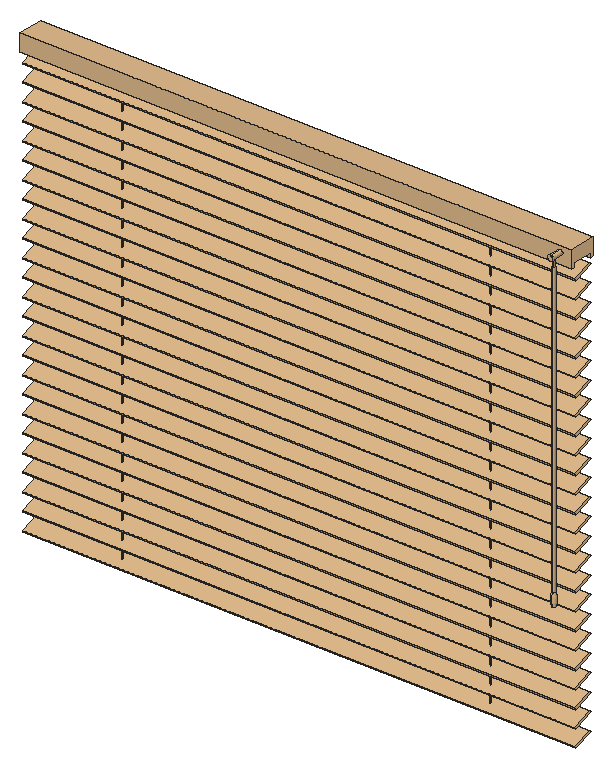
Revit family
Parameters
  Opening Width = 1200 mm
  No of Blades = 25
  Material Blind = Wood - Birch
  Keynote = "N10/240"
  End Offset = 40 mm
  Blind Length = Opening Width - (2 * End Offset)  # 1120 mm
  Blind Fixing Height = 2110 mm
  Blind Depth = 900 mm
  Blind Angle = 20.00°
  Blade Depth = 40 mm
Reference planes
  plane 1 "Center (Front/Back)": y = 45.212
  plane 2: z = 0
  plane 3 "Center (Left/Right)": x = 150.492
  plane 4: x = 750.492
  plane 5: x = -449.508
  plane 6: x = 710.492
  plane 7: x = -409.508
  plane 8: z = 2110
  plane 9: z = 1210
  plane 10: z = 2060
  plane 11: y = -4.451
  plane 12: x = 685.492
  plane 13: x = -222.841
  plane 14: x = 523.825
  plane 15: x = -36.175
  plane 16: x = 337.159
  plane 17: x = 150.492
Forms (mm)
  Extrusion 1, solid, material "Wood - Birch" <- "Material Blind"
    sketch origin (150.492, 45.212, 0) x (0, -1, 0) y (0, 0, 1)
      loop
        line (-25.882, 2110) -> (-25.882, 2075) -> (-20.882, 2075) -> (-20.882, 2083.245) -> (20.882, 2083.245) -> (20.882, 2075) -> (25.882, 2075) -> (25.882, 2110) -> (-25.882, 2110)
    from -560 to 560
  Extrusion 2, solid, material "Wood - Birch" <- "Material Blind"
    sketch origin (1210.492, 19.33, 2110) x (0, 0, -1) y (1, 0, 0)
      loop
        circle (14.083, -525) r 5
    from 23.781 to 0
  Revolve 3, solid, material "Wood - Birch" <- "Material Blind"
    sketch origin (685.492, -4.451, 4000) x (0, 1, 0) y (0, 0, 1)
      loop
        line (8.176, -1908.676) -> (7.176, -1908.676) -> (7.176, -1923.676) -> (5.176, -1923.676) -> (5.176, -2513.09)
        arc (5.176, -2513.09) -> (3.092, -2526.509) -> (4.65, -2540) r 50.641
        line (4.65, -2540) -> (8.176, -2540) -> (8.176, -1908.676)
      axis (8.176, -2540) -> (8.176, -1908.676)
    angle from 0 to 360
  Extrusion 4, solid, material "Wood - Birch" <- "Material Blind"
    sketch origin (0, 0, 0) x (1, 0, 0) y (0, 1, 0)
      loop
        circle (-222.841, 45.212) r 0.5
      loop
        circle (523.825, 45.212) r 0.5
    from 1210 to 2083.245
Dimensions and locks
  equal spacing: plane 4, plane 3 "Center (Left/Right)", plane 5
  "Opening Width": plane 4 to plane 5
  "End Offset": plane 4 to plane 6
  "End Offset": plane 7 to plane 5
  "Blind Depth": plane 8 to plane 9
  "Blind Fixing Height": plane 8 to level
  plane 8 to plane 10 = 50 mm
  equal spacing: Extrusion 1 sketch curve, plane 1 "Center (Front/Back)", Extrusion 1 sketch curve
  equal spacing: group 1, group 3, group 4, group 5, group 6, group 7, group 8, group 9, group 10, group 11, group 12, group 13, group 14, group 15, group 16, group 17, group 18, group 19, group 20, group 21, group 22, group 23, group 24, group 25, group 2  (x3)
  locked: Extrusion 2 sketch curve to plane 6 at 25
  locked: plane 12 to plane 6 at 25
  plane 8 to Revolve 3 sketch curve = 650 mm
  equal spacing: plane 7, plane 13, plane 15, plane 17, plane 16, plane 14, plane 6
  radius of Revolve 3 sketch curve = 50.641 mm
  aligned and locked: Extrusion 1 to plane 7
  aligned and locked: plane 6 to Extrusion 1
  aligned and locked: nested 1 to plane 3 "Center (Left/Right)"
  aligned and locked: nested 1 to plane 1 "Center (Front/Back)"
  aligned and locked: plane 9 to nested 1
  aligned and locked: plane 10 to nested 2
  aligned and locked: nested 2 to plane 3 "Center (Left/Right)"
  aligned and locked: Extrusion 1 to Extrusion 2
  aligned and locked: Extrusion 4 to plane 9
  aligned and locked: Extrusion 4 to Extrusion 1
Automatic sketch dimensions
  Extrusion 1 sketch curve to plane 8 = 0 mm
  Extrusion 1 sketch curve to Extrusion 1 sketch curve = 5 mm  (x2)
  plane 10 to Extrusion 1 sketch curve = 23.245 mm
  Extrusion 1 sketch curve to Extrusion 1 sketch curve = 8.245 mm  (x2)
  plane 1 "Center (Front/Back)" to Extrusion 1 sketch curve = 20.882 mm
  Extrusion 1 to Extrusion 2 sketch curve = 14.083 mm
  plane 11 to Revolve 3 sketch curve = 4.65 mm
  Revolve 3 sketch curve to Revolve 3 sketch curve = 2 mm
  Revolve 3 sketch curve to Revolve 3 sketch curve = 3.526 mm
  Revolve 3 sketch curve to Revolve 3 sketch curve = 0 mm
  plane 1 "Center (Front/Back)" to Revolve 3 sketch curve = 4.06 mm
  Revolve 3 sketch curve to Revolve 3 sketch curve = 268.676 mm
  Revolve 3 sketch curve to plane 10 = 418.676 mm
  plane 10 to Revolve 3 sketch curve = 16.324 mm
  Revolve 3 sketch curve to Revolve 3 sketch curve = 15 mm
  plane 11 to Revolve 3 sketch curve = 5.176 mm
  Extrusion 4 sketch curve to plane 1 "Center (Front/Back)" = 0 mm  (x2)
  Extrusion 4 sketch curve to plane 13 = 0 mm
  Extrusion 4 sketch curve to plane 14 = 0 mm
  radius of Extrusion 2 sketch curve = 5 mm
  radius of Extrusion 4 sketch curve = 0.5 mm  (x2)
Nested families
  nested 1: "Blind Blade" at (253.252, 45.493, 1210) x (-1, 0, 0) z (0, 0, 1), type "Blind Blade"
    with Blade Length 1120 mm
  nested 2: "Blind Blade" at (253.252, 45.493, 2060) x (-1, 0, 0) z (0, 0, 1), type "Blind Blade"
    with Blade Length 1120 mm
  nested 3: "Blind Blade" at (253.252, 45.493, 1245.417) x (-1, 0, 0) z (0, 0, 1), type "Blind Blade"
    with Blade Length 1120 mm
  nested 4: "Blind Blade" at (253.252, 45.493, 1280.833) x (-1, 0, 0) z (0, 0, 1), type "Blind Blade"
    with Blade Length 1120 mm
  nested 5: "Blind Blade" at (253.252, 45.493, 1316.25) x (-1, 0, 0) z (0, 0, 1), type "Blind Blade"
    with Blade Length 1120 mm
  nested 6: "Blind Blade" at (253.252, 45.493, 1351.667) x (-1, 0, 0) z (0, 0, 1), type "Blind Blade"
    with Blade Length 1120 mm
  nested 7: "Blind Blade" at (253.252, 45.493, 1387.083) x (-1, 0, 0) z (0, 0, 1), type "Blind Blade"
    with Blade Length 1120 mm
  nested 8: "Blind Blade" at (253.252, 45.493, 1422.5) x (-1, 0, 0) z (0, 0, 1), type "Blind Blade"
    with Blade Length 1120 mm
  nested 9: "Blind Blade" at (253.252, 45.493, 1457.917) x (-1, 0, 0) z (0, 0, 1), type "Blind Blade"
    with Blade Length 1120 mm
  nested 10: "Blind Blade" at (253.252, 45.493, 1493.333) x (-1, 0, 0) z (0, 0, 1), type "Blind Blade"
    with Blade Length 1120 mm
  nested 11: "Blind Blade" at (253.252, 45.493, 1528.75) x (-1, 0, 0) z (0, 0, 1), type "Blind Blade"
    with Blade Length 1120 mm
  nested 12: "Blind Blade" at (253.252, 45.493, 1564.167) x (-1, 0, 0) z (0, 0, 1), type "Blind Blade"
    with Blade Length 1120 mm
  nested 13: "Blind Blade" at (253.252, 45.493, 1599.583) x (-1, 0, 0) z (0, 0, 1), type "Blind Blade"
    with Blade Length 1120 mm
  nested 14: "Blind Blade" at (253.252, 45.493, 1635) x (-1, 0, 0) z (0, 0, 1), type "Blind Blade"
    with Blade Length 1120 mm
  nested 15: "Blind Blade" at (253.252, 45.493, 1670.417) x (-1, 0, 0) z (0, 0, 1), type "Blind Blade"
    with Blade Length 1120 mm
  nested 16: "Blind Blade" at (253.252, 45.493, 1705.833) x (-1, 0, 0) z (0, 0, 1), type "Blind Blade"
    with Blade Length 1120 mm
  nested 17: "Blind Blade" at (253.252, 45.493, 1741.25) x (-1, 0, 0) z (0, 0, 1), type "Blind Blade"
    with Blade Length 1120 mm
  nested 18: "Blind Blade" at (253.252, 45.493, 1776.667) x (-1, 0, 0) z (0, 0, 1), type "Blind Blade"
    with Blade Length 1120 mm
  nested 19: "Blind Blade" at (253.252, 45.493, 1812.083) x (-1, 0, 0) z (0, 0, 1), type "Blind Blade"
    with Blade Length 1120 mm
  nested 20: "Blind Blade" at (253.252, 45.493, 1847.5) x (-1, 0, 0) z (0, 0, 1), type "Blind Blade"
    with Blade Length 1120 mm
  nested 21: "Blind Blade" at (253.252, 45.493, 1882.917) x (-1, 0, 0) z (0, 0, 1), type "Blind Blade"
    with Blade Length 1120 mm
  nested 22: "Blind Blade" at (253.252, 45.493, 1918.333) x (-1, 0, 0) z (0, 0, 1), type "Blind Blade"
    with Blade Length 1120 mm
  nested 23: "Blind Blade" at (253.252, 45.493, 1953.75) x (-1, 0, 0) z (0, 0, 1), type "Blind Blade"
    with Blade Length 1120 mm
  nested 24: "Blind Blade" at (253.252, 45.493, 1989.167) x (-1, 0, 0) z (0, 0, 1), type "Blind Blade"
    with Blade Length 1120 mm
  nested 25: "Blind Blade" at (253.252, 45.493, 2024.583) x (-1, 0, 0) z (0, 0, 1), type "Blind Blade"
    with Blade Length 1120 mm
Definition of nested family "Blind Blade"
  Parameters
    Material Blade = Wood - Birch
    Blade Width = 40 mm
    Blade Length = 1200 mm
    Blade Angle = 20.00°
  Reference planes
    plane 1 "Center (Front/Back)": y = 0.281
    plane 2: z = 0
    plane 3 "Center (Left/Right)": x = 102.76
    plane 4: x = -497.24
    plane 5: x = 702.76
  Forms (mm)
    Extrusion 1, solid, material "Wood - Birch" <- "Material Blade"
      sketch origin (102.76, 0, 0) x (0, 1, 0) y (0, 0, 1)
        loop
          line (-18.513, 6.84) -> (-19.56, 3.963) -> (18.028, -9.718) -> (19.075, -6.84) -> (-18.513, 6.84)
      from -600 to 600
  Lines and regions (mm)
    symbolic lines, style "InvisibleLines"
      curve 1: line (102.76, 0.281, 0) -> (102.76, 61.361, -22.231)
      curve 2: line (102.76, 0.281, 0) -> (102.76, 24.223, 65.778)
  Dimensions and locks
    equal spacing: plane 4, plane 3 "Center (Left/Right)", plane 5
    "Blade Length": plane 4 to plane 5
    Extrusion 1 sketch curve to curve 1 = 3.063 mm
    equal spacing: Extrusion 1 sketch curve, curve 2, Extrusion 1 sketch curve
    "Blade Width": Extrusion 1 sketch curve to Extrusion 1 sketch curve
    "Blade Angle": angle curve 1 to level
    locked: curve 1 to curve 2 (angle 90.00°)
    aligned and locked: plane 1 "Center (Front/Back)" to curve 1
    aligned and locked: Extrusion 1 sketch curve to curve 1
    aligned and locked: plane 5 to Extrusion 1
    aligned and locked: Extrusion 1 to plane 4
  Automatic sketch dimensions
    curve 2 to level = 0 mm
